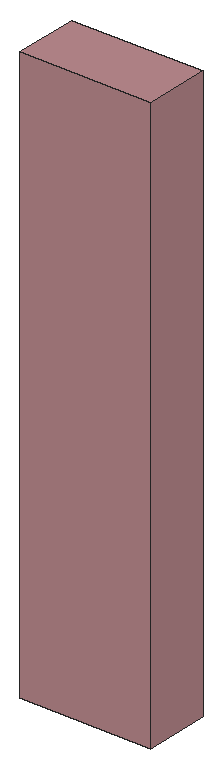
Revit family "Pier", category 기둥, Revit 2026
Family settings
  로드될 때 보이드를 사용하여 절단 = 아니오
  자동으로 형상을 벽에 결합합니다 = 예
  공유 = 아니오
  평면도에서 미리 절단된 패밀리 표시 = 예
Parameters
  Material Pier = Masonry Brick
  키노트 = "F10"
  Depth [instance] = 450 mm
  Width [instance] = 900 mm
Reference planes
  plane 1 "Center (Front/Back)": y = 0
  plane 2: z = 0
  plane 3 "Center (Left/Right)": x = 0
  plane 4 "Left": x = -450
  plane 5 "Right": x = 450
  plane 6 "Back": y = 225
  plane 7 "Front": y = -225
Forms (mm)
  Extrusion 1, solid, material "Masonry Brick" <- "Material Pier"
    sketch origin (0, 0, 0) x (1, 0, 0) y (0, 1, 0)
      loop
        line (-450, -225) -> (450, -225) -> (450, 225) -> (-450, 225) -> (-450, -225)
    from 0 to 4000
Dimensions and locks
  equal spacing: plane 4 "Left", plane 3 "Center (Left/Right)", plane 5 "Right"
  equal spacing: plane 7 "Front", plane 1 "Center (Front/Back)", plane 6 "Back"
  "Width": plane 4 "Left" to plane 5 "Right"
  "Depth": plane 7 "Front" to plane 6 "Back"
  aligned and locked: level to Extrusion 1
  aligned and locked: Extrusion 1 to level
Automatic sketch dimensions
  Extrusion 1 sketch curve to plane 4 "Left" = 0 mm
  Extrusion 1 sketch curve to plane 5 "Right" = 0 mm
  Extrusion 1 sketch curve to plane 7 "Front" = 0 mm
  Extrusion 1 sketch curve to plane 6 "Back" = 0 mm
